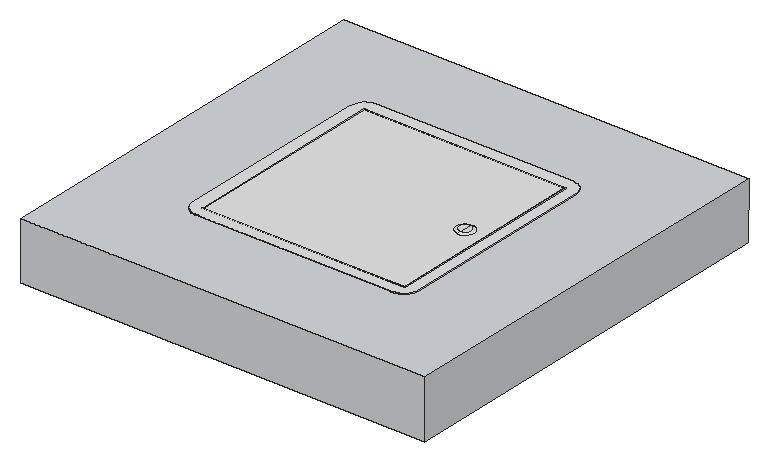
Revit family
Parameters (values of type "WM-CABH052")
  WELSRating_ANZRS = "4 star"
  URL = "www.galvinengineering.com.au"
  Type Comments = "WM-CABH"
  Temperature = 43.5 °C
  StyleOrType_ANZRS = "Plumbing Fixture"
  Seating = ""
  RemovableDoor = not(HingedDoor)  # no
  PlumbingMaterial_ANZRS = Metal_Valves_DR-Brass-Nickel-Plated_10800
  Outlet = "1/2\"BSP male"
  ModifiedIssue_ANZRS = 20120403.01  # constant formula
  Model = "WM-CABH052"
  Manufacturer = "Galvin Engineering"
  Keynote = "10800"
  Instructions = "http://www.galvinengineering.com.au/Installation_Guides_1.aspx"
  Inlet = "1/2\"BSP male"
  HingedDoor = yes
  FlowRate = 0.10 L/s
  FilterObject_ANZRS = "WM-CABH"
  Description = "CliniMix® Cabinet Assembly with Hinged Door 20mm Cold Water Bypass 2 Top In & 2 Bottom Out"
  Default Elevation = 900.00 mm
  CreatedBy_ANZRS = "Galvin Engineering"
  CreatedByURL_ANZRS = "www.galvinengineering.com.au"
  CreatedByPhoneNo_ANZRS = "61-8-92495900"
  Circulation_ANZRS = yes
  Assembly Code = "D2010"
Types (3, lengths in mm): name | Type Comments | RemovableDoor | Model | HingedDoor | FilterObject_ANZRS | Description
  (no name) | "WM-CABH" | no | "WM-CABH052" | yes | "WM-CABH" | "CliniMix® Cabinet Assembly with Hinged Door 20mm Cold Water Bypass 2 Top In & 2 Bottom Out"
  WM-CABH052 | "WM-CABH" | no | "WM-CABH052" | yes | "WM-CABH" | "CliniMix® Cabinet Assembly with Hinged Door 20mm Cold Water Bypass 2 Top In & 2 Bottom Out"
  WM-CABR052 | "WM-CABR" | yes | "WM-CABR052" | no | "WM-CABR" | "CliniMix® Cabinet Assembly with Removable Door 20mm Cold Water Bypass 2 Top In & 2 Bottom Out"
Reference planes
  plane 1 "Center (Front/Back)": y = 0
  plane 2 "Face": z = 0
  plane 3 "Center (Left/Right)": x = 0
  plane 4 "Left": x = -175
  plane 5 "Right": x = 175
  plane 6 "Top": y = 175
  plane 7 "Bottom": y = -175
  plane 8: z = 1
Forms (mm)
  Extrusion 1, solid
    sketch origin (0, -719.2, 0) x (1, 0, 0) y (0, 1, 0)
      loop
        line (-350, 1069.2) -> (-350, 369.2) -> (350, 369.2) -> (350, 1069.2) -> (-350, 1069.2)
    from 0 to -100
  Extrusion 2, solid, material "Metal_Valves_DR-Brass-Nickel-Plated_10800" <- "PlumbingMaterial_ANZRS"
    sketch origin (0, 0, -74) x (1, 0, 0) y (0, 1, 0)
      loop
        line (-175, 175) -> (-175, -175) -> (175, -175) -> (175, 175) -> (-175, 175)
      loop
        line (-174, 174) -> (-174, -174) -> (174, -174) -> (174, 174) -> (-174, 174)
    from 0 to 75
  Extrusion 3, solid, material "Metal_Valves_DR-Brass-Nickel-Plated_10800" <- "PlumbingMaterial_ANZRS"
    sketch origin (0, 0, 1) x (-1, 0, 0) y (0, -1, 0)
      loop
        arc (195, 170) -> (187.678, 187.678) -> (170, 195) r 25
        line (170, 195) -> (-170, 195)
        arc (-170, 195) -> (-187.678, 187.678) -> (-195, 170) r 25
        line (-195, 170) -> (-195, -170)
        arc (-195, -170) -> (-187.678, -187.678) -> (-170, -195) r 25
        line (-170, -195) -> (170, -195)
        arc (170, -195) -> (187.678, -187.678) -> (195, -170) r 25
        line (195, -170) -> (195, 170)
    from 0 to -1
  Extrusion 4, solid, material "Metal_Valves_DR-Brass-Nickel-Plated_10800" <- "PlumbingMaterial_ANZRS"
    sketch origin (0, 0, -74) x (1, 0, 0) y (0, 1, 0)
      loop
        line (-175, 175) -> (-175, -175) -> (175, -175) -> (175, 175) -> (-175, 175)
    from 0 to 1
  Revolve 5, solid, material "Metal_Valves_DR-Brass-Nickel-Plated_10800" <- "PlumbingMaterial_ANZRS", detail levels medium+fine
    sketch origin (-25, 0, -36.5) x (1, 0, 0) y (0, 1, 0)
      loop
        line (-150, 115) -> (-151.25, 115) -> (-151.25, 114) -> (-156.773, 114) -> (-156.773, 112.5) -> (-157.614, 112.5) -> (-157.91, 111.688) -> (-158.205, 112.5) -> (-158.501, 111.688) -> (-158.796, 112.5) -> (-159.091, 111.688) -> (-159.387, 112.5) -> (-159.682, 111.688) -> (-159.978, 112.5) -> (-160.273, 111.688) -> (-160.569, 112.5) -> (-160.864, 111.688) -> (-161.159, 112.5) -> (-161.455, 111.688) -> (-161.75, 112.5) -> (-162.046, 111.688) -> (-162.341, 112.5) -> (-162.637, 111.688) -> (-162.932, 112.5) -> (-163.227, 111.688) -> (-163.523, 112.5) -> (-163.818, 111.688) -> (-164.114, 112.5) -> (-164.409, 111.688) -> (-164.705, 112.5) -> (-165, 111.688) -> (-165, 110) -> (-150, 110) -> (-150, 115)
      axis (-150, 110) -> (-165, 110)
    angle from 0 to 360
  Revolve 6, solid, material "Metal_Valves_DR-Brass-Nickel-Plated_10800" <- "PlumbingMaterial_ANZRS", detail levels medium+fine
    sketch origin (-25, 0, -36.5) x (1, 0, 0) y (0, 1, 0)
      loop
        line (-150, -115) -> (-150, -110) -> (-165, -110) -> (-165, -111.688) -> (-164.705, -112.5) -> (-164.409, -111.688) -> (-164.114, -112.5) -> (-163.818, -111.688) -> (-163.523, -112.5) -> (-163.227, -111.688) -> (-162.932, -112.5) -> (-162.637, -111.688) -> (-162.341, -112.5) -> (-162.046, -111.688) -> (-161.75, -112.5) -> (-161.455, -111.688) -> (-161.159, -112.5) -> (-160.864, -111.688) -> (-160.569, -112.5) -> (-160.273, -111.688) -> (-159.978, -112.5) -> (-159.682, -111.688) -> (-159.387, -112.5) -> (-159.091, -111.688) -> (-158.796, -112.5) -> (-158.501, -111.688) -> (-158.205, -112.5) -> (-157.91, -111.688) -> (-157.614, -112.5) -> (-156.773, -112.5) -> (-156.773, -114) -> (-151.25, -114) -> (-151.25, -115) -> (-150, -115)
      axis (-150, -110) -> (-165, -110)
    angle from 0 to 360
  Revolve 7, solid, material "Metal_Valves_DR-Brass-Nickel-Plated_10800" <- "PlumbingMaterial_ANZRS", detail levels medium+fine
    sketch origin (25, 0, -36.5) x (-1, 0, 0) y (0, -1, 0)
      loop
        line (-150, -115) -> (-150, -110) -> (-165, -110) -> (-165, -111.688) -> (-164.705, -112.5) -> (-164.409, -111.688) -> (-164.114, -112.5) -> (-163.818, -111.688) -> (-163.523, -112.5) -> (-163.227, -111.688) -> (-162.932, -112.5) -> (-162.637, -111.688) -> (-162.341, -112.5) -> (-162.046, -111.688) -> (-161.75, -112.5) -> (-161.455, -111.688) -> (-161.159, -112.5) -> (-160.864, -111.688) -> (-160.569, -112.5) -> (-160.273, -111.688) -> (-159.978, -112.5) -> (-159.682, -111.688) -> (-159.387, -112.5) -> (-159.091, -111.688) -> (-158.796, -112.5) -> (-158.501, -111.688) -> (-158.205, -112.5) -> (-157.91, -111.688) -> (-157.614, -112.5) -> (-156.773, -112.5) -> (-156.773, -114) -> (-151.25, -114) -> (-151.25, -115) -> (-150, -115)
      axis (-150, -110) -> (-165, -110)
    angle from 0 to 360
  Revolve 8, solid, material "Metal_Valves_DR-Brass-Nickel-Plated_10800" <- "PlumbingMaterial_ANZRS", detail levels medium+fine
    sketch origin (25, 0, -36.5) x (-1, 0, 0) y (0, -1, 0)
      loop
        line (-150, 115) -> (-151.25, 115) -> (-151.25, 114) -> (-156.773, 114) -> (-156.773, 112.5) -> (-157.614, 112.5) -> (-157.91, 111.688) -> (-158.205, 112.5) -> (-158.501, 111.688) -> (-158.796, 112.5) -> (-159.091, 111.688) -> (-159.387, 112.5) -> (-159.682, 111.688) -> (-159.978, 112.5) -> (-160.273, 111.688) -> (-160.569, 112.5) -> (-160.864, 111.688) -> (-161.159, 112.5) -> (-161.455, 111.688) -> (-161.75, 112.5) -> (-162.046, 111.688) -> (-162.341, 112.5) -> (-162.637, 111.688) -> (-162.932, 112.5) -> (-163.227, 111.688) -> (-163.523, 112.5) -> (-163.818, 111.688) -> (-164.114, 112.5) -> (-164.409, 111.688) -> (-164.705, 112.5) -> (-165, 111.688) -> (-165, 110) -> (-150, 110) -> (-150, 115)
      axis (-150, 110) -> (-165, 110)
    angle from 0 to 360
  Revolve 9, solid, material "Metal_Valves_DR-Brass-Nickel-Plated_10800" <- "PlumbingMaterial_ANZRS", visible <- "HingedDoor", detail levels medium+fine
    sketch origin (140, 0, -74) x (0, 1, 0) y (0, 0, 1)
      loop
        line (15, 75) -> (11, 76.5) -> (0, 76.5) -> (0, 75) -> (15, 75)
      axis (0, 75) -> (0, 76.5)
    angle from 0 to 360
  Revolve 10, solid, material "Plastic_Valves_Grey_10800"
    sketch origin (-35, -25, -39) x (-1, 0, 0) y (0, -1, 0)
      loop
        line (0, 150) -> (0, 153) -> (-15.412, 153)
        arc (-15.412, 153) -> (-16.888, 152.388) -> (-17.5, 150.912) r 2.088
        line (-17.5, 150.912) -> (-17.5, 150) -> (0, 150)
      axis (0, 153) -> (0, 150)
    angle from 0 to 360
  Extrusion 11, solid, material "Metal_Valves_DR-Brass_10800"
    sketch origin (0, -175, -74) x (-1, 0, 0) y (0, 0, -1)
      loop
        circle (35, -35) r 10
    from 3 to 125
  Revolve 12, solid, material "Plastic_Valves_Grey_10800"
    sketch origin (108, -25, -39) x (1, 0, 0) y (0, 1, 0)
      loop
        line (0, -150) -> (-17.5, -150) -> (-17.5, -150.912)
        arc (-17.5, -150.912) -> (-16.888, -152.388) -> (-15.412, -153) r 2.088
        line (-15.412, -153) -> (0, -153) -> (0, -150)
      axis (0, -153) -> (0, -150)
    angle from 0 to 360
  Extrusion 13, solid, material "Metal_Valves_DR-Brass_10800"
    sketch origin (3, -175, -74) x (-1, 0, 0) y (0, 0, -1)
      loop
        circle (-105, -35) r 10
    from 3 to 125
  Extrusion 14, solid, material "Metal_Valves_DR-Brass_10800"
    sketch origin (3, 175, -74) x (-1, 0, 0) y (0, 0, 1)
      loop
        circle (-105, 35) r 10
    from 3 to 125
  Revolve 15, solid, material "Plastic_Valves_Grey_10800"
    sketch origin (108, 25, -39) x (1, 0, 0) y (0, 1, 0)
      loop
        line (0, 150) -> (0, 153) -> (-15.412, 153)
        arc (-15.412, 153) -> (-16.888, 152.388) -> (-17.5, 150.912) r 2.088
        line (-17.5, 150.912) -> (-17.5, 150) -> (0, 150)
      axis (0, 153) -> (0, 150)
    angle from 0 to 360
  Extrusion 16, solid, material "Metal_Valves_DR-Brass_10800"
    sketch origin (-3, 175, -74) x (1, 0, 0) y (0, 0, -1)
      loop
        circle (-105, -35) r 10
    from 3 to 125
  Revolve 17, solid, material "Plastic_Valves_Grey_10800"
    sketch origin (-108, 25, -39) x (-1, 0, 0) y (0, -1, 0)
      loop
        line (0, -150) -> (-17.5, -150) -> (-17.5, -150.912)
        arc (-17.5, -150.912) -> (-16.888, -152.388) -> (-15.412, -153) r 2.088
        line (-15.412, -153) -> (0, -153) -> (0, -150)
      axis (0, -153) -> (0, -150)
    angle from 0 to 360
  Revolve 18, solid, material "Metal_Valves_DR-Brass-Nickel-Plated_10800" <- "PlumbingMaterial_ANZRS", visible <- "RemovableDoor", detail levels medium+fine
    sketch origin (0, -135, -74) x (0, 1, 0) y (0, 0, 1)
      loop
        line (15, 75) -> (11, 76.5) -> (0, 76.5) -> (0, 75) -> (15, 75)
      axis (0, 75) -> (0, 76.5)
    angle from 0 to 360
Lines and regions (mm)
  symbolic lines, style "Taps/Mixers"
    curve 1: line (-195, 170, 75) -> (-195, -170, 75)
    curve 2: arc (-195, -170, 75) -> (-187.678, -187.678, 75) -> (-170, -195, 75) r 25
    curve 3: line (-170, -195, 75) -> (170, -195, 75)
    curve 4: arc (170, -195, 75) -> (187.678, -187.678, 75) -> (195, -170, 75) r 25
    curve 5: line (195, -170, 75) -> (195, 170, 75)
    curve 6: arc (195, 170, 75) -> (187.678, 187.678, 75) -> (170, 195, 75) r 25
    curve 7: line (170, 195, 75) -> (-170, 195, 75)
    curve 8: arc (-170, 195, 75) -> (-187.678, 187.678, 75) -> (-195, 170, 75) r 25
    curve 15: line (-45, -300, 75) -> (-25, -300, 75)
    curve 16: line (-45, -300, 75) -> (-45, -195, 75)
    curve 17: line (-25, -300, 75) -> (-25, -195, 75)
    curve 18: line (118, -300, 75) -> (98, -300, 75)
    curve 19: line (118, -300, 75) -> (118, -195, 75)
    curve 20: line (98, -300, 75) -> (98, -195, 75)
    curve 21: line (118, 300, 75) -> (98, 300, 75)
    curve 22: line (118, 300, 75) -> (118, 195, 75)
    curve 23: line (98, 300, 75) -> (98, 195, 75)
    curve 24: line (-118, 300, 75) -> (-98, 300, 75)
    curve 25: line (-118, 300, 75) -> (-118, 195, 75)
    curve 26: line (-98, 300, 75) -> (-98, 195, 75)
    curve 35: line (-195, 0, 0) -> (195, 0, 0)
    curve 36: line (195, 0, 1) -> (-195, 0, 1)
    curve 37: line (-195, 0, 1) -> (-195, 0, 0)
    curve 38: line (195, 0, 0) -> (195, 0, 1)
    curve 48: line (0, -195, 0) -> (0, 195, 0)
    curve 49: line (0, 195, 1) -> (0, -195, 1)
    curve 52: line (0, -195, 1) -> (0, -195, 0)
    curve 53: line (0, 195, 0) -> (0, 195, 1)
    curve 57: line (0, -176, -21.5) -> (0, -175, -21.5)
    curve 60: arc (0, -176, -21.5) -> (0, -177.414, -22.086) -> (0, -178, -23.5) r 2
    curve 65: line (0, 175.99, -21.489) -> (0, 175, -21.489)
    curve 68: arc (0, 178, -23.5) -> (0, 177.411, -22.078) -> (0, 175.99, -21.489) r 2.01
  symbolic lines, style "Taps/Mixers", visible <- "HingedDoor", detail levels medium+fine
    curve 9: circle (140, 0, 75) r 15 normal (0, 0, 1)
    curve 10: circle (140, 0, 75) r 12 normal (0, 0, 1)
    curve 39: line (151, 0, 2.5) -> (129, 0, 2.5)
    curve 40: line (129, 0, 2.5) -> (124.879, 0, 1)
    curve 41: line (151, 0, 2.5) -> (155.121, 0, 1)
    curve 54: line (0, 11, 2.5) -> (0, -11, 2.5)
    curve 55: line (0, -11, 2.5) -> (0, -15, 1)
    curve 56: line (0, 11, 2.5) -> (0, 15, 1)
  symbolic lines, style "Taps/Mixers", visible <- "HingedDoor", detail levels fine
    curve 11: line (129.943, -1, 75) -> (149.943, -1, 75)
    curve 12: line (129.943, 1, 75) -> (129.943, -1, 75)
    curve 13: line (149.943, 1, 75) -> (129.943, 1, 75)
    curve 14: line (149.943, -1, 75) -> (149.943, 1, 75)
  symbolic lines, style "Taps/Mixers", visible <- "RemovableDoor", detail levels medium+fine
    curve 27: circle (0, -135, 75) r 15 normal (0, 0, 1)
    curve 28: circle (0, -135, 75) r 12 normal (0, 0, 1)
    curve 44: line (11, 0, 2.5) -> (-11, 0, 2.5)
    curve 45: line (-11, 0, 2.5) -> (-15.121, 0, 1)
    curve 46: line (11, 0, 2.5) -> (15.121, 0, 1)
    curve 73: line (0, -124, 2.5) -> (0, -146, 2.5)
    curve 74: line (0, -146, 2.5) -> (0, -150, 1)
    curve 75: line (0, -124, 2.5) -> (0, -120, 1)
  symbolic lines, style "Taps/Mixers", visible <- "RemovableDoor", detail levels fine
    curve 29: line (-1.057, -125, 75) -> (-1.057, -145, 75)
    curve 30: line (0.943, -125, 75) -> (-1.057, -125, 75)
    curve 31: line (0.943, -145, 75) -> (0.943, -125, 75)
    curve 32: line (-1.057, -145, 75) -> (0.943, -145, 75)
  symbolic lines, style "PlumbingFixturesHiddenLines"
    curve 33: line (-175, 0, 0) -> (-175, 0, -74)
    curve 34: line (175, 0, -74) -> (175, 0, 0)
    curve 42: circle (108, 0, -39) r 17.5 normal (0, -1, 0)
    curve 43: circle (-35, 0, -39) r 17.5 normal (0, -1, 0)
    curve 47: line (-175, 0, -74) -> (175, 0, -74)
    curve 50: line (0, -175, 0) -> (0, -175, -74)
    curve 51: line (0, 175, -74) -> (0, 175, 0)
    curve 58: line (0, -178, -23.5) -> (0, -178, -54.5)
    curve 59: line (0, -176, -56.5) -> (0, -175, -56.5)
    curve 61: arc (0, -178, -54.5) -> (0, -177.414, -55.914) -> (0, -176, -56.5) r 2
    curve 62: line (0, -300, -29) -> (0, -300, -49)
    curve 63: line (0, -300, -29) -> (0, -178, -29)
    curve 64: line (0, -300, -49) -> (0, -178, -49)
    curve 66: line (0, 178, -23.5) -> (0, 178, -54.489)
    curve 67: line (0, 176, -56.489) -> (0, 175, -56.489)
    curve 69: arc (0, 178, -54.489) -> (0, 177.414, -55.904) -> (0, 176, -56.489) r 2
    curve 70: line (0, 300, -29) -> (0, 300, -49)
    curve 71: line (0, 300, -29) -> (0, 178, -29)
    curve 72: line (0, 300, -49) -> (0, 178, -49)
    curve 76: line (0, -175, -74) -> (0, 175, -74)
Dimensions and locks
  aligned and locked: plane 2 "Face" to Extrusion 1
  aligned and locked: level to Extrusion 1
  aligned and locked: Extrusion 2 to plane 8
Connectors
  piping at (-35, -300, -39), driven by "FlowRate"
    settings: on Extrusion 11, index 11, connector radius 1/4", flow factor 0, pipe flow 0.10 L/s, pressure drop 0.00 psi, fitting loss kfactor 0, connector angle 0.00°, fixture units 0, flow configuration 1, flow direction 2, fitting loss method 0, system type 8, connector reference index -1, connector utility 0, adjustable connector no, is connector primary yes, fitting loss table "", connector description ""
  piping at (108, -300, -39), driven by "FlowRate"
    settings: on Extrusion 13, index 12, connector radius 1/4", flow factor 0, pipe flow 0.10 L/s, pressure drop 0.00 psi, fitting loss kfactor 0, connector angle 0.00°, fixture units 0, flow configuration 1, flow direction 2, fitting loss method 0, system type 20, connector reference index -1, connector utility 0, adjustable connector no, is connector primary no, fitting loss table "", connector description ""
  piping at (108, 300, -39), driven by "FlowRate"
    settings: on Extrusion 14, index 13, connector radius 1/4", flow factor 0, pipe flow 0.10 L/s, pressure drop 0.00 psi, fitting loss kfactor 0, connector angle 0.00°, fixture units 0, flow configuration 1, flow direction 1, fitting loss method 0, system type 20, connector reference index -1, connector utility 0, adjustable connector no, is connector primary no, fitting loss table "", connector description ""
  piping at (-108, 300, -39), driven by "FlowRate"
    settings: on Extrusion 16, index 14, connector radius 1/4", flow factor 0, pipe flow 0.10 L/s, pressure drop 0.00 psi, fitting loss kfactor 0, connector angle 0.00°, fixture units 0, flow configuration 1, flow direction 1, fitting loss method 0, system type 19, connector reference index -1, connector utility 0, adjustable connector no, is connector primary no, fitting loss table "", connector description ""
